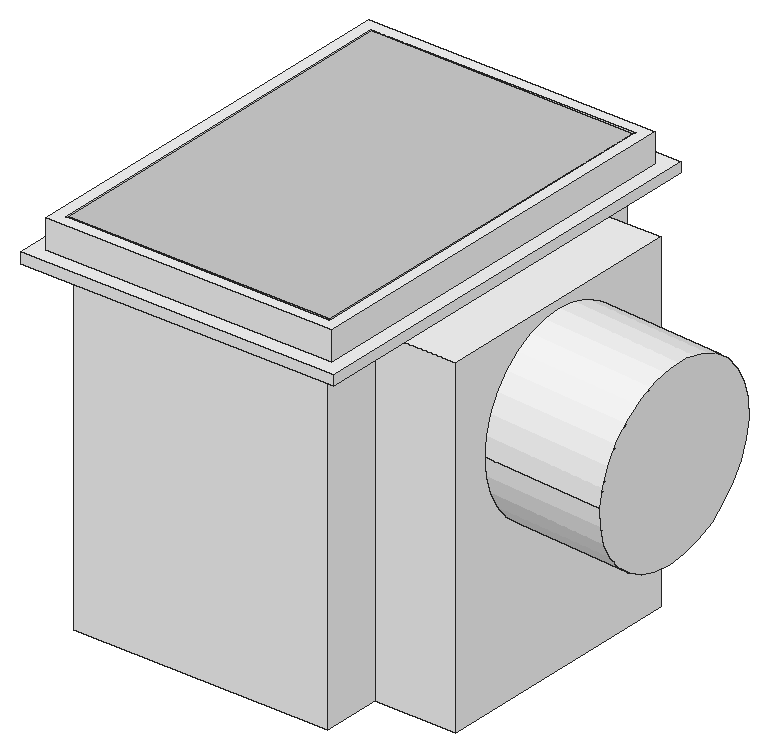
Revit family "HL_Трап для подвалов_HL71", category Instalační zařizovací předměty, Revit 2016
Family settings
  Typ součásti = Normální
  Kóta kulaté spojky = Použít průměr
  Číslo OmniClass = 23.70.50.21.24.14
  Nadpis OmniClass = Deck Waste Water Drains
  Založené na pracovní rovině = Ne
  Vždy vertikální = Ano
  Ořezat dutým tvarem při načtení = Ne
  Sdílené = Ano
  Bod výpočtu místnosti = Ano
Parameters (values of type "HL_Трап для подвалов_HL71")
  РЕШЁТКА = "155x225mm/ ABS"
  РАЗМЕР = "DN110"
  ПРОПУСКНАЯ СПОСОБНОСТЬ [instance] = 0.0 L/s
  ПРОИЗВОДИТЕЛЬНОСТЬ = "2,3 l/s"
  ПРАВОВАЯ ИНФОРМАЦИЯ = "\"Авторские права(©), права на дизайн или какие либо другие права интелектуальной собственности являются исключительной собственностью компании HL Hutterer & Lechner. Изменению не подлежит. Файл семейства с данными о прозводителе изделия защищен паролем с водяным знаком.\""
  ПАДЕНИЕ ДАВЛЕНИЯ [instance] = 0.0 Pa
  НОМИНАЛЬНЫЙ ДИАМЕТР = 110 mm
  НАСАДКА = "170x240 mm"
  МАТЕРИАЛ = "ABS"
  МАКСИМАЛЬНАЯ НАГРУЗКА КЛАССА = "K3 - 300 kg"
  ВЫСОТА МОНТАЖА = "220 mm"
  ВЕС = "1,4 kg"
  Připojení ventilace = no
  Výrobce = "HL Hutterer & Lechner GmbH"
  URL = "http://www.hutterer-lechner.com/ru/products/catalog/roof-drains/HL71.aspx"
  Připojení odpadu = yes
  Připojení HW = no
  Popis = "Трап для подвалов"
  Model = "HL71"
  Komentáře k typům = "Трап для подвалов DN110 горизонтальный 170х240мм/155х225мм синтетический материал"
  Keynote = "HL71"
  Высота монтажа [instance] = 0 mm
  Připojení CW = no
  EAN = "9003076700714"
  D1 [instance] = 192.4 mm
  D [instance] = Высота монтажа + 56.6 mm  # 56.6 mm
  C [instance] = Высота монтажа + 56.6 mm  # 56.6 mm
  B [instance] = Высота монтажа + 86 mm  # 86 mm
  A [instance] = if(B - 100 mm > 15 mm, B - 100 mm, 15 mm)  # 15 mm
Types (2, lengths in mm): name | URL | Popis | Komentáře k typům
  (no name) | "http://www.hutterer-lechner.com/en/products/catalog/roof-drains/HL71.aspx" | "Anti flood valves" | "basement drain DN110 horizontal 170x240mm/155x225mm plastic"
  HL_Трап для подвалов_HL71 | "http://www.hutterer-lechner.com/ru/products/catalog/roof-drains/HL71.aspx" | "Трап для подвалов" | "Трап для подвалов DN110 горизонтальный 170х240мм/155х225мм синтетический материал"
Values of the unnamed type that differ from the named types
  ПРАВОВАЯ ИНФОРМАЦИЯ = "\"Copyright (©), design rights or any other intellectual property rights, shall be the exclusive property of HL Hutterer & Lechner GmbH. Modification is not allowed. Family has been watermarked.\""
  Model = "HL_Basement drain_HL71"
  Keynote = "HL_Basement drain_HL71"
Reference planes
  plane 1 "Center (Front/Back)": y = 0
  plane 2: z = 0
  plane 3 "Center (Left/Right)": x = 0
  plane 4 "Ball Joint Vertical": x = 25.45
  plane 5: z = 0
  plane 6: z = -86
Lines and regions (mm)
  model lines, style "InvisibleLines"
    curve 1: line (0, 0, 0) -> (0, 0, 560)
  reference lines
    curve 2: line (162.4, 0, -86) -> (192.4, 0, -86)
  model lines, detail levels coarse+medium
    curve 3: line (0, 0, -86) -> (0, 0, -71)
    curve 4: line (0, 0, -71) -> (71, 0, 0)
    curve 5: line (0, 0, -71) -> (-71, 0, 0)
    curve 6: line (0, 0, -86) -> (192.4, 0, -86)
  symbolic lines, style "PlumbingFixtures", detail levels coarse+medium
    curve 7: line (-75, 75, 0) -> (75, 75, 0)
    curve 8: line (-75, -75, 0) -> (-75, 75, 0)
    curve 9: line (75, -75, 0) -> (-75, -75, 0)
    curve 10: line (75, 75, 0) -> (75, -75, 0)
    curve 11: line (-75, 75, 0) -> (-145.711, 145.711, 0)
    curve 12: line (75, 75, 0) -> (145.711, 145.711, 0)
    curve 13: line (-75, -75, 0) -> (-145.711, -145.711, 0)
    curve 14: line (75, -75, 0) -> (145.711, -145.711, 0)
  symbolic lines, style "PlumbingFixtures", not visible, detail levels coarse+medium
    curve 15: line (-75, 75, 0) -> (75, 75, 0)
    curve 16: line (-75, -75, 0) -> (-75, 75, 0)
    curve 17: line (75, -75, 0) -> (-75, -75, 0)
    curve 18: line (75, 75, 0) -> (75, -75, 0)
    curve 19: line (-75, 75, 0) -> (-145.711, 145.711, 0)
    curve 20: line (75, 75, 0) -> (145.711, 145.711, 0)
    curve 21: line (-75, -75, 0) -> (-145.711, -145.711, 0)
    curve 22: line (75, -75, 0) -> (145.711, -145.711, 0)
Text (mm)
  text "FLOOR" at (-198.233, 0, -26.556), in view "вид строительства"
Dimensions and locks
  locked: plane 4 "Ball Joint Vertical" to plane 3 "Center (Left/Right)" at 25.45
  "Высота монтажа": plane 2 to plane 5
  "A": curve 5 to plane 6
  "B": curve 5 to plane 6
  "B": curve 4 to plane 6
  "B": plane 2 to plane 6
  "B": plane 2 to curve 6
  "D1": curve 2 to plane 3 "Center (Left/Right)"
  "D1": curve 6 to plane 3 "Center (Left/Right)"
  locked: curve 4 to plane 3 "Center (Left/Right)" (angle 45.00°)
  locked: plane 3 "Center (Left/Right)" to curve 5 (angle 45.00°)
  aligned and locked: level to plane 2
  aligned and locked: plane 2 to curve 1
  aligned and locked: plane 3 "Center (Left/Right)" to curve 1
  aligned and locked: plane 3 "Center (Left/Right)" to curve 5
  aligned and locked: curve 2 to plane 6
  aligned and locked: plane 5 to nested 1
  aligned and locked: plane 3 "Center (Left/Right)" to nested 1
  aligned and locked: plane 3 "Center (Left/Right)" to nested 2
  aligned and locked: plane 2 to nested 2
Automatic sketch dimensions
  level to curve 1 = 560 mm
  curve 2 to curve 2 = 30 mm
Nested families
  nested 1: "HL-Трап для подвалов-HL71" at (0, 0, 0), type "HL-Трап для подвалов-HL71"
  nested 2: "HL-Решетка для сливного отверстия из пластмассы-HL071.1E" at (0, 0, 0), type "HL-Решетка для сливного отверстия из пластмассы-HL071.1E"
Connectors
  piping at (192.4, 0, -86), diameter 110, driven by "НОМИНАЛЬНЫЙ ДИАМЕТР", driven by "ПРОПУСКНАЯ СПОСОБНОСТЬ"
    settings: on curve 2, index 1, connector inside diameter 609.6 mm, connector length 0 mm, flow factor 0, pipe flow 0.0 L/s, pressure drop 0.0 Pa, fitting loss kfactor 0, connector angle 0.00°, fixture units 0, engagement length 0 mm, angle of deflection 0.00°, flow configuration 1, flow direction 2, fitting loss method 0, system type 16, joint type 0, gender type 0, connector reference index -1, connector utility 0, adjustable connector yes, is connector primary yes, connector description ""
Definition of nested family "HL-Трап для подвалов-HL71"
  Parameters (values of type "HL-Трап для подвалов-HL71")
    Manufacturer = ""
    URL = ""
    Description = ""
    Model = ""
    Type Comments = ""
    Cost = 0
  Reference planes
    plane 1 "Střed (vpředu/vzadu)": y = 0
    plane 2: z = 0
    plane 3 "Střed (vlevo/vpravo)": x = 0
  Forms (mm)
    Extrusion 1, solid, detail levels fine
      sketch origin (0, 0, 0) x (1, 0, 0) y (0, 1, 0)
        loop
          line (78.5, -113.5) -> (78.5, 113.5) -> (-78.5, 113.5) -> (-78.5, -113.5) -> (78.5, -113.5)
        loop
          line (-85, 120) -> (-85, -120) -> (85, -120) -> (85, 120) -> (-85, 120)
      from 0 to -17
    Extrusion 2, solid, detail levels fine
      sketch origin (0, 0, -17) x (0, 1, 0) y (1, 0, 0)
        loop
          line (-129, 93) -> (-129, -93) -> (129, -93) -> (129, 93) -> (-129, 93)
      from 0 to 6
    Extrusion 3, solid, detail levels fine
      sketch origin (0, 0, -23) x (-1, 0, 0) y (0, 1, 0)
        loop
          line (-123.5, -76) -> (-75.5, -76) -> (-75.5, -111) -> (75.5, -111) -> (75.5, 111) -> (-75.5, 111) -> (-75.5, 76) -> (-123.5, 76) -> (-123.5, -76)
      from 0 to 197
    Sweep 4, solid, detail levels fine
      path origin (0.267, 0, 3.057) x (1, 0, 0) y (0, 0, 1)
        loop
          line (195, -34.165) -> (118.152, -30.138)
      profile origin (156.843, 0, -29.094) x (-0.052336, 0, -0.99863) y (0, -1, 0)
        loop
          circle (55, 0) r 55
  Dimensions and locks
    aligned and locked: level to plane 2
Definition of nested family "HL-Решетка для сливного отверстия из пластмассы-HL071.1E"
  Parameters
    РАЗМЕР = "155x225mm"
    ПРАВОВАЯ ИНФОРМАЦИЯ = "\"Copyright (©), design rights or any other intellectual property rights, shall be the exclusive property of HL Hutterer & Lechner GmbH. Modification is not allowed. Family has been watermarked.\""
    МАТЕРИАЛ = "ABS"
    МАКСИМАЛЬНАЯ НАГРУЗКА КЛАССА = "K3 - 300kg"
    ВЕС = "0,28 kg"
    Manufacturer = "HL Hutterer & Lechner GmbH"
    URL = "http://www.hutterer-lechner.com/en/products/catalog/roof-drains/HL071.1E.aspx"
    Description = "Attachments"
    Model = "HL071.1E"
    Type Comments = "plastic grate 155x225mm"
    Keynote = "HL071.1E"
    EAN = "9003076007110"
    Cost = 0
  Types (2, lengths in mm): name | ПРАВОВАЯ ИНФОРМАЦИЯ | URL | Description | Type Comments
    (no name) | "\"Copyright (©), design rights or any other intellectual property rights, shall be the exclusive property of HL Hutterer & Lechner GmbH. Modification is not allowed. Family has been watermarked.\"" | "http://www.hutterer-lechner.com/en/products/catalog/roof-drains/HL071.1E.aspx" | "Attachments" | "plastic grate 155x225mm"
    HL-Решетка для сливного отверстия из пластмассы-HL071.1E | "\"Авторские права(©), права на дизайн или какие либо другие права интелектуальной собственности являются исключительной собственностью компании HL Hutterer & Lechner. Изменению не подлежит. Файл семейства с данными о прозводителе изделия защищен паролем с водяным знаком.\"" | "http://www.hutterer-lechner.com/ru/products/catalog/roof-drains/HL071.1E.aspx" | "Вспомогательные материалы" | "Решетка для сливного отверстия из пластмассы 155х225м"
  Reference planes
    plane 1 "Střed (vpředu/vzadu)": y = 0
    plane 2: z = 0
    plane 3 "Střed (vlevo/vpravo)": x = 0
  Forms (mm)
    Extrusion 1, solid, detail levels fine
      sketch origin (0, 0, 0) x (1, 0, 0) y (0, 1, 0)
        loop
          line (77.5, -112.5) -> (77.5, 112.5) -> (-77.5, 112.5) -> (-77.5, -112.5) -> (77.5, -112.5)
      from 0 to -20
  Lines and regions (mm)
    model lines, detail levels fine
      curve 1: line (59, -95, 0) -> (51, -95, 0)
      curve 2: line (59, -45, 0) -> (59, -95, 0)
      curve 3: line (51, -45, 0) -> (59, -45, 0)
      curve 4: line (51, -95, 0) -> (51, -45, 0)
      curve 5: line (37, -95, 0) -> (29, -95, 0)
      curve 6: line (37, -7, 0) -> (37, -95, 0)
      curve 7: line (29, -7, 0) -> (37, -7, 0)
      curve 8: line (29, -95, 0) -> (29, -7, 0)
      curve 9: line (15, -95, 0) -> (7, -95, 0)
      curve 10: line (15, -7, 0) -> (15, -95, 0)
      curve 11: line (7, -7, 0) -> (15, -7, 0)
      curve 12: line (7, -95, 0) -> (7, -7, 0)
      curve 13: line (59, -35, 0) -> (51, -35, 0)
      curve 14: line (59, 35, 0) -> (59, -35, 0)
      curve 15: line (51, 35, 0) -> (59, 35, 0)
      curve 16: line (51, -35, 0) -> (51, 35, 0)
      curve 17: line (59, 45, 0) -> (51, 45, 0)
      curve 18: line (59, 95, 0) -> (59, 45, 0)
      curve 19: line (51, 95, 0) -> (59, 95, 0)
      curve 20: line (51, 45, 0) -> (51, 95, 0)
      curve 21: line (37, 7, 0) -> (29, 7, 0)
      curve 22: line (37, 95, 0) -> (37, 7, 0)
      curve 23: line (29, 95, 0) -> (37, 95, 0)
      curve 24: line (29, 7, 0) -> (29, 95, 0)
      curve 25: line (15, 7, 0) -> (7, 7, 0)
      curve 26: line (15, 95, 0) -> (15, 7, 0)
      curve 27: line (7, 95, 0) -> (15, 95, 0)
      curve 28: line (7, 7, 0) -> (7, 95, 0)
      curve 29: line (-59, -95, 0) -> (-51, -95, 0)
      curve 30: line (-59, -45, 0) -> (-59, -95, 0)
      curve 31: line (-51, -45, 0) -> (-59, -45, 0)
      curve 32: line (-51, -95, 0) -> (-51, -45, 0)
      curve 33: line (-37, -95, 0) -> (-29, -95, 0)
      curve 34: line (-37, -7, 0) -> (-37, -95, 0)
      curve 35: line (-29, -7, 0) -> (-37, -7, 0)
      curve 36: line (-29, -95, 0) -> (-29, -7, 0)
      curve 37: line (-15, -95, 0) -> (-7, -95, 0)
      curve 38: line (-15, -7, 0) -> (-15, -95, 0)
      curve 39: line (-7, -7, 0) -> (-15, -7, 0)
      curve 40: line (-7, -95, 0) -> (-7, -7, 0)
      curve 41: line (-59, -35, 0) -> (-51, -35, 0)
      curve 42: line (-59, 35, 0) -> (-59, -35, 0)
      curve 43: line (-51, 35, 0) -> (-59, 35, 0)
      curve 44: line (-51, -35, 0) -> (-51, 35, 0)
      curve 45: line (-59, 45, 0) -> (-51, 45, 0)
      curve 46: line (-59, 95, 0) -> (-59, 45, 0)
      curve 47: line (-51, 95, 0) -> (-59, 95, 0)
      curve 48: line (-51, 45, 0) -> (-51, 95, 0)
      curve 49: line (-37, 7, 0) -> (-29, 7, 0)
      curve 50: line (-37, 95, 0) -> (-37, 7, 0)
      curve 51: line (-29, 95, 0) -> (-37, 95, 0)
      curve 52: line (-29, 7, 0) -> (-29, 95, 0)
      curve 53: line (-15, 7, 0) -> (-7, 7, 0)
      curve 54: line (-15, 95, 0) -> (-15, 7, 0)
      curve 55: line (-7, 95, 0) -> (-15, 95, 0)
      curve 56: line (-7, 7, 0) -> (-7, 95, 0)
  Dimensions and locks
    aligned and locked: level to plane 2
